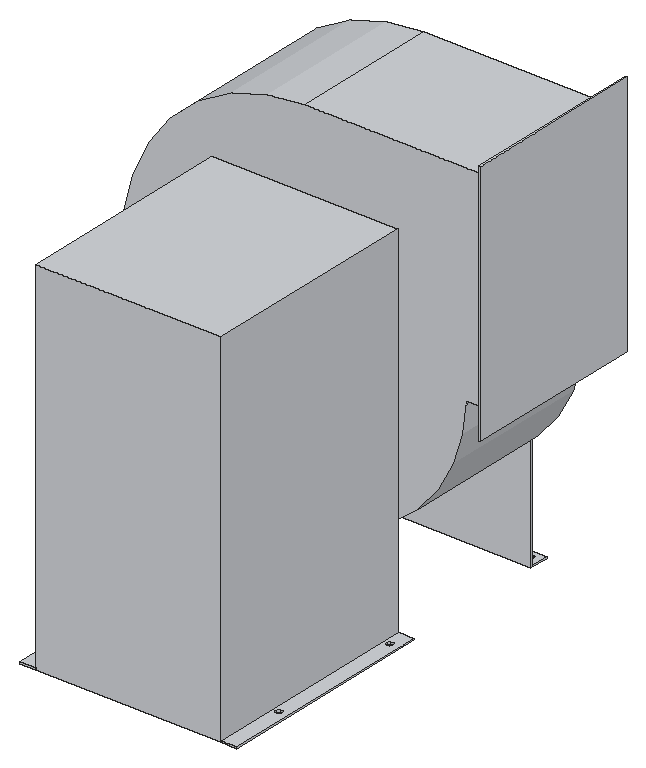
Revit family "CPS", category Mechanical Equipment, Revit 2019 (continued)
Types (34): name | Z | Y | X | W+M | W+1.5+K+L | W+1.5 | W | V | U-.125 | U | T | Stack Ht | Stack Extension CW | Stack Extension | S/2 | S | R | Q | P-U | P-D | P | N | M | L | K | J | H | G-V | G | F-.125 | F | E-F | E | D | CLASS | C/8*7 | C/8 | C/2 | C | B | A+.25 | A | CUT | Type Comments | Model | -(A+.25) | (C/2)-1.5 | (C/2)-.25
  300-CPS_CLASS_2 | 13 5/16" | 15 1/16" | 37" | 34 3/16" | 59 11/16" | 6 1/2" | 5" | 13 11/16" | 2" | 2 1/8" | 1" | 58 1/2" | yes | yes | 11/32" | 11/16" | 2 3/16" | 4" | 68 1/4" | 34 3/4" | 70 3/8" | 26 3/16" | 29 3/16" | 27 3/16" | 26" | 27 3/16" | 53 5/8" | 2 3/8" | 16 1/16" | 25 3/4" | 25 7/8" | 28 5/8" | 54 1/2" | 35 5/8" | 2" | 10 235/256" | 5.82292" | 17 15/32" | 34 15/16" | 32 13/16" | 23 3/16" | 22 15/16" | 2 1/2" | "Steel Flat Blade Centrifugal Blower Arrangement 10 Class 2" | "CPS_CLASS_2" | -23 3/16" | 15 31/32" | 17 7/32"
  330-CPS_CLASS_2 | 14 9/16" | 16 5/8" | 40 5/16" | 34 3/16" | 62 1/16" | 6 1/2" | 5" | 15 1/4" | 2" | 2 1/8" | 1" | 52 11/16" | no | no | 13/32" | 13/16" | 2 3/16" | 4" | 74 3/4" | 38" | 76 7/8" | 28 9/16" | 29 3/16" | 29 9/16" | 26" | 29 7/16" | 58 3/8" | 2 3/8" | 17 5/8" | 28 5/16" | 28 7/16" | 31 1/2" | 59 15/16" | 38 7/8" | 2" | 11 219/256" | 6.32292" | 18 31/32" | 37 15/16" | 36 1/8" | 25 1/2" | 25 1/4" | 2 3/4" | "Steel Flat Blade Centrifugal Blower Arrangement 10 Class 2" | "CPS_CLASS_2" | -25 1/2" | 17 15/32" | 18 23/32"
  365-CPS_CLASS_2 | 16 1/8" | 17 13/16" | 44 3/16" | 35 1/4" | 66 1/16" | 7 1/2" | 6" | 16 3/16" | 2" | 2 1/8" | 1" | 45 13/16" | no | no | 13/32" | 13/16" | 2 7/16" | 5" | 82 3/8" | 41 3/4" | 84 1/2" | 31 7/16" | 29 1/4" | 32 9/16" | 26" | 32 1/16" | 64 1/4" | 2 5/8" | 18 13/16" | 31 5/16" | 31 7/16" | 34 3/4" | 66 3/16" | 42 3/4" | 2" | 12 243/256" | 6 29/32" | 20 23/32" | 41 7/16" | 39 15/16" | 28 1/8" | 27 7/8" | 3" | "Steel Flat Blade Centrifugal Blower Arrangement 10 Class 2" | "CPS_CLASS_2" | -28 1/8" | 19 7/32" | 20 15/32"
  60-CPS_CLASS_1 | 4 5/8" | 8 5/8" | 14 1/16" | 17 1/8" | 25 3/4" | 5 1/2" | 4" | 8" | 1 1/2" | 1 5/8" | 3/4" | 89 1/4" | no | no | 9/32" | 9/16" | 1" | 3" | 28 3/4" | 12 3/8" | 30 3/8" | 9 3/8" | 13 1/8" | 10 1/4" | 10" | 10 3/4" | 25 1/4" | 1 3/8" | 9 3/8" | 12 5/8" | 12 3/4" | 9 1/2" | 22 1/4" | 18" | 1" | 4 53/128" | 2.35417" | 7 1/16" | 14 1/8" | 10 15/16" | 7 13/16" | 7 9/16" | 3 1/2" | "Steel Flat Blade Centrifugal Blower Arrangement 10 Class 1" | "CPS_CLASS_1" | -7 13/16" | 5 9/16" | 6 13/16"
  70-CPS_CLASS_1 | 4 5/8" | 8 5/8" | 14 1/16" | 17 1/8" | 25 3/4" | 5 1/2" | 4" | 8" | 1 1/2" | 1 5/8" | 3/4" | 89 1/4" | no | no | 9/32" | 9/16" | 1" | 3" | 28 3/4" | 12 3/8" | 30 3/8" | 9 3/8" | 13 1/8" | 10 1/4" | 10" | 10 3/4" | 25 1/4" | 1 3/8" | 9 3/8" | 12 5/8" | 12 3/4" | 9 1/2" | 22 1/4" | 18" | 1" | 4 53/128" | 2.35417" | 7 1/16" | 14 1/8" | 10 15/16" | 7 13/16" | 7 9/16" | 3 1/2" | "Steel Flat Blade Centrifugal Blower Arrangement 10 Class 1" | "CPS_CLASS_1" | -7 13/16" | 5 9/16" | 6 13/16"
  80-CPS_CLASS_1 | 4 5/8" | 8 5/8" | 14 1/16" | 17 1/8" | 25 3/4" | 5 1/2" | 4" | 8" | 1 1/2" | 1 5/8" | 3/4" | 89 1/4" | no | no | 9/32" | 9/16" | 1" | 3" | 28 3/4" | 12 3/8" | 30 3/8" | 9 3/8" | 13 1/8" | 10 1/4" | 10" | 10 3/4" | 25 1/4" | 1 3/8" | 9 3/8" | 12 5/8" | 12 3/4" | 9 1/2" | 22 1/4" | 18" | 1" | 4 53/128" | 2.35417" | 7 1/16" | 14 1/8" | 10 15/16" | 7 13/16" | 7 9/16" | 3 1/2" | "Steel Flat Blade Centrifugal Blower Arrangement 10 Class 1" | "CPS_CLASS_1" | -7 13/16" | 5 9/16" | 6 13/16"
